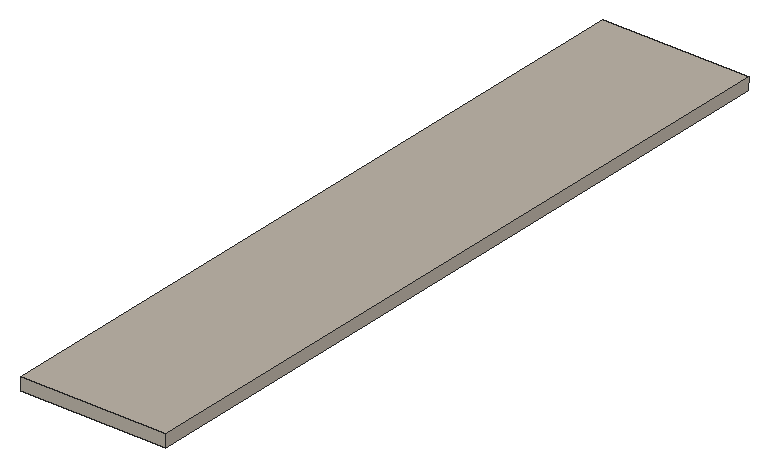
Revit family "Cambio Wall Systems - Acoustic - Felt 18x90", category Generic Models, host Face, Revit 2023
Family settings
  Host = Face
  Can host rebar = No
  Round Connector Dimension = Use Diameter
  Part Type = Normal
  Cut with Voids When Loaded = No
  Maintain Annotation Orientation = No
  Shared = No
  Room Calculation Point = No
Parameters (values of type "Felt Color - TUFF")
  Default Elevation = 4' - 0"
  Cambio Material = Cambio Felt - Tuff
Types (23): name | Cambio Material
  Felt Color - AZURITE | Cambio Felt - Azurite
  Felt Color - SLATE | Cambio Felt - Slate
  Felt Color - SHALE | Cambio Felt - Shale
  Felt Color - QUARTZ | Cambio Felt - Quartz
  Felt Color - PERIDOT | Cambio Felt - Peridot
  Felt Color - OPAL | Cambio Felt - Opal
  Felt Color - ONYX | Cambio Felt - Onyx
  Felt Color - NORITE | Cambio Felt - Norite
  Felt Color - MARL | Cambio Felt - Marl
  Felt Color - MARBLE | Cambio Felt - Marble
  Felt Color - JASPER | Cambio Felt - Jasper
  Felt Color - JADE | Cambio Felt - Jade
  Felt Color - GRANITE | Cambio Felt - Granite
  Felt Color - GNEISS | Cambio Felt - Gneiss
  Felt Color - GABBRO | Cambio Felt - Gabbro
  Felt Color - FLINT | Cambio Felt - Flint
  Felt Color - CITRINE | Cambio Felt - Citrine
  Felt Color - CHALK | Cambio Felt - Chalk
  Felt Color - AGATE | Cambio Felt - Agate
  Felt Color - BASALT | Cambio Felt - Basalt
  Felt Color - SODALITE | Cambio Felt - Sodalite
  Felt Color - TOURMALINE | Cambio Felt - Tourmaline
  Felt Color - TUFF | Cambio Felt - Tuff
Reference planes (in)
  plane 1 "Center (Front/Back)": y = 0
  plane 2: z = 0
  plane 3 "Center (Left/Right)": x = 0
Forms (in)
  Extrusion 1, solid, material "Cambio Felt - Tuff" <- "Cambio Material"
    sketch origin (0, 0, 0) x (1, 0, 0) y (0, 1, 0)
      loop
        line (-9, 45) -> (-9, -45) -> (9, -45) -> (9, 45) -> (-9, 45)
    from 0 to 1.5
Dimensions and locks (in)
  Extrusion 1 sketch curve to plane 3 "Center (Left/Right)" to Extrusion 1 sketch curve = 0' - 9" locked, 0' - 9" locked
  Extrusion 1 sketch curve to plane 1 "Center (Front/Back)" to Extrusion 1 sketch curve = 3' - 9", 3' - 9"
  aligned and locked: plane 2 to host face
  aligned and locked: level to host face
